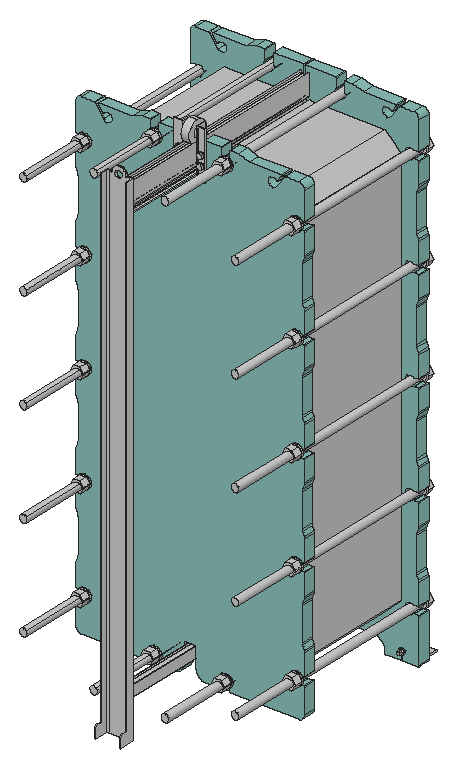
Revit family "MIT 5180 - Heat Exchanger", category Specialty Equipment, Revit 2022 (continued)
Forms (mm)
  Extrusion 17, void
    sketch origin (202.5, -37.5, 7.5) x (0, 1, 0) y (-1, 0, 0)
      loop
        line (88.664, 723.875) -> (122.5, 723.875) -> (122.5, 740.875) -> (88.664, 740.875)
        arc (88.664, 740.875) -> (72, 732.375) -> (88.664, 723.875) r 10.5
    from -7.5 to 77.5
  Extrusion 18, solid, material "Galvanized Steel- S235JR"
    sketch origin (0, 0, 0) x (0, 1, 0) y (0, 0, 1)
      loop
        line (8, 11) -> (8, 85) -> (0, 85) -> (0, 3)
        arc (0, 3) -> (0.879, 0.879) -> (3, 0) r 3
        line (3, 0) -> (85, 0) -> (85, 8) -> (11, 8)
        arc (11, 8) -> (8.879, 8.879) -> (8, 11) r 3
    from -570 to 570
  Extrusion 19, solid, material "Galvanized Steel- S235JR"
    sketch origin (4.063, -804, 754.6) x (1, 0, 0) y (0, 0, 1)
      loop
        line (77.937, 1650.6) -> (77.937, 1900.6) -> (32.937, 1900.6) -> (32.937, 1650.6) -> (77.937, 1650.6)
      loop
        line (-86.063, 1650.6) -> (-41.063, 1650.6) -> (-41.063, 1900.6) -> (-86.063, 1900.6) -> (-86.063, 1650.6)
      loop
        circle (-61.775, 1778.105) r 8
      loop
        circle (-61.775, 1728.105) r 8
      loop
        circle (53.645, 1778.105) r 8
      loop
        circle (53.645, 1728.105) r 8
    from 6 to 2
  Extrusion 20, solid, material "Galvanized Steel- S235JR"
    sketch origin (4.063, -806, 754.6) x (-1, 0, 0) y (0, 0, 1)
      loop
        line (-32.937, 1650.6) -> (-32.937, 1900.6) -> (-36.937, 1900.6) -> (-36.937, 1650.6) -> (-32.937, 1650.6)
      loop
        line (41.063, 1650.6) -> (45.063, 1650.6) -> (45.063, 1900.6) -> (41.063, 1900.6) -> (41.063, 1650.6)
    from 0 to 42
  Extrusion 21, solid, material "Galvanized Steel- S235JR"
    sketch origin (-37, -802.562, 2422.692) x (0, 0, 1) y (0, -1, 0)
      loop
        circle (190, -19) r 55
      loop
        circle (190, -19) r 25
    from 17 to 57
  Extrusion 22, solid, material "Galvanized Steel- S235JR"
    sketch origin (-37, -802.563, 2422.701) x (0, 0, 1) y (0, -1, 0)
      loop
        circle (190, -19) r 24.5
    from 0 to 74
  Extrusion 23, solid, material "Galvanized Steel- S235JR"
    sketch origin (-37, -802.562, 2422.692) x (0, 0, 1) y (0, -1, 0)
      loop
        circle (190, -19) r 8
    from -24.052 to 98.5
  Extrusion 24, solid, material "Galvanized Steel- S235JR", detail levels fine
    sketch origin (-37, -802.562, 2422.692) x (0, 0, 1) y (0, -1, 0)
      loop
        line (202.813, -23.837) -> (199.73, -9.822) -> (186.917, -5.985) -> (177.187, -15.163) -> (180.27, -29.178) -> (193.083, -33.015) -> (202.813, -23.837)
    from -15 to 89
  Extrusion 25, solid, material "Galvanized Steel- S235JR", detail levels fine
    sketch origin (-37, -802.562, 2422.692) x (0, 0, 1) y (0, -1, 0)
      loop
        circle (190, -19) r 15
    from -7 to 81
  Extrusion 26, solid, material "Galvanized Steel- S235JR", detail levels medium+fine
    sketch origin (6.091, -804, 1109.777) x (1, 0, 0) y (0, 0, 1)
      loop
        circle (53.645, 1418.117) r 15
      loop
        circle (53.645, 1368.117) r 15
      loop
        circle (-61.771, 1418.117) r 15
      loop
        circle (-61.771, 1368.117) r 15
    from 7.3 to 6
  Extrusion 27, solid, material "Galvanized Steel- S235JR", detail levels medium+fine
    sketch origin (6.091, -804, 1109.777) x (1, 0, 0) y (0, 0, 1)
      loop
        line (66.637, 1424.403) -> (54.697, 1432.512) -> (41.704, 1426.226) -> (40.652, 1411.83) -> (52.592, 1403.721) -> (65.585, 1410.007) -> (66.637, 1424.403)
      loop
        line (54.697, 1382.512) -> (41.704, 1376.226) -> (40.652, 1361.83) -> (52.592, 1353.721) -> (65.585, 1360.007) -> (66.637, 1374.403) -> (54.697, 1382.512)
      loop
        line (-74.764, 1424.403) -> (-73.711, 1410.007) -> (-60.718, 1403.721) -> (-48.778, 1411.83) -> (-49.83, 1426.226) -> (-62.823, 1432.512) -> (-74.764, 1424.403)
      loop
        line (-62.823, 1382.512) -> (-74.764, 1374.403) -> (-73.711, 1360.007) -> (-60.718, 1353.721) -> (-48.778, 1361.83) -> (-49.83, 1376.226) -> (-62.823, 1382.512)
    from 17.3 to 7.3
  Extrusion 28, solid, material "AISI 316L/Titanium/Hastelloy", detail levels fine
    sketch origin (6.091, -744, 768.238) x (-1, 0, 0) y (0, 0, 1)
      loop
        circle (61.775, 1759.61) r 15
      loop
        circle (61.775, 1709.61) r 15
      loop
        circle (-53.645, 1759.61) r 15
      loop
        circle (-53.645, 1709.61) r 15
    from 0 to 2.7
  Extrusion 29, solid, material "AISI 316L/Titanium/Hastelloy", detail levels fine
    sketch origin (6.091, -744, 1109.777) x (-1, 0, 0) y (0, 0, 1)
      loop
        line (73.378, 1424.725) -> (61.815, 1431.447) -> (50.212, 1424.794) -> (50.173, 1411.419) -> (61.736, 1404.697) -> (73.339, 1411.35) -> (73.378, 1424.725)
      loop
        line (61.815, 1381.447) -> (50.212, 1374.794) -> (50.173, 1361.419) -> (61.736, 1354.697) -> (73.339, 1361.35) -> (73.378, 1374.725) -> (61.815, 1381.447)
      loop
        line (-65.252, 1424.725) -> (-65.213, 1411.35) -> (-53.61, 1404.697) -> (-42.047, 1411.419) -> (-42.086, 1424.794) -> (-53.689, 1431.447) -> (-65.252, 1424.725)
      loop
        line (-53.689, 1381.447) -> (-65.252, 1374.725) -> (-65.213, 1361.35) -> (-53.61, 1354.697) -> (-42.047, 1361.419) -> (-42.086, 1374.794) -> (-53.689, 1381.447)
    from 3 to 10.7
  Extrusion 30, solid, material "AISI 316L/Titanium/Hastelloy"
    sketch origin (6.091, -744, 1109.777) x (-1, 0, 0) y (0, 0, 1)
      loop
        circle (61.775, 1418.072) r 8
      loop
        circle (61.775, 1368.072) r 8
      loop
        circle (-53.645, 1418.072) r 8
      loop
        circle (-53.645, 1368.072) r 8
    from -66 to 24.122
  Extrusion 31, solid, material "AISI 316L/Titanium/Hastelloy", detail levels fine
    sketch origin (0, -60, 0) x (-1, 0, 0) y (0, 0, 1)
      loop
        line (-497.5, 2364.5) -> (-497.5, 277.5) -> (-417.5, 197.5) -> (-27.5, 197.5) -> (-20.25, 202.5) -> (-20.25, 210.5) -> (-31.702, 221.264)
        arc (-31.702, 221.264) -> (-32.557, 229.753) -> (-24.268, 231.775) r 6.5
        line (-24.268, 231.775) -> (-6.424, 222.561)
        arc (-6.424, 222.561) -> (0, 221) -> (6.424, 222.561) r 14
        line (6.424, 222.561) -> (24.268, 231.775)
        arc (24.268, 231.775) -> (32.557, 229.753) -> (31.702, 221.264) r 6.5
        line (31.702, 221.264) -> (20.25, 210.5) -> (20.25, 202.5) -> (27.5, 197.5) -> (417.5, 197.5) -> (497.5, 277.5) -> (497.5, 2364.5) -> (417.5, 2444.5) -> (27.5, 2444.5) -> (20.25, 2439.5) -> (20.25, 2431.5) -> (31.702, 2420.736)
        arc (31.702, 2420.736) -> (32.557, 2412.247) -> (24.268, 2410.225) r 6.5
        line (24.268, 2410.225) -> (6.424, 2419.439)
        arc (6.424, 2419.439) -> (0, 2421) -> (-6.424, 2419.439) r 14
        line (-6.424, 2419.439) -> (-24.268, 2410.225)
        arc (-24.268, 2410.225) -> (-32.557, 2412.247) -> (-31.702, 2420.736) r 6.5
        line (-31.702, 2420.736) -> (-20.25, 2431.5) -> (-20.25, 2439.5) -> (-27.5, 2444.5) -> (-417.5, 2444.5) -> (-497.5, 2364.5)
      loop
        circle (298, 2242) r 165
      loop
        circle (-298, 2242) r 165
      loop
        circle (-298, 400) r 165
      loop
        circle (298, 400) r 165
    from 0 to -684
  Extrusion 32, void
    sketch origin (-52.5, -1268, 0) x (1, 0, 0) y (0, 0, 1)
      loop
        arc (17, 2620) -> (52.5, 2655.5) -> (88, 2620) r 35.5
        line (88, 2620) -> (120, 2620) -> (120, 2685) -> (-15, 2685) -> (-15, 2620) -> (17, 2620)
      loop
        circle (52.5, 2618.5) r 20
    from -8 to 72
  Extrusion 33, void
    sketch origin (-67.5, -1340, 0) x (0, 1, 0) y (0, 0, -1)
      loop
        arc (15, -60) -> (4.393, -55.607) -> (0, -45) r 15
        line (0, -45) -> (0, -2655.2) -> (35, -2655.2) -> (35, -60) -> (15, -60)
    from -143.878 to 16.14
  Extrusion 34, solid, material "Galvanized Steel- S235JR", detail levels fine
    sketch origin (0, 0, 0) x (1, 0, 0) y (0, 0, 1)
      loop
        circle (505, 45) r 15
      loop
        circle (-505, 45) r 15
    from -11 to -8
  Extrusion 35, solid, material "Galvanized Steel- S235JR", detail levels coarse
    sketch origin (0, 0, 0) x (0, 1, 0) y (1, 0, 0)
      loop
        line (-1340, -67.5) -> (-1260, -67.5) -> (-1260, 67.5) -> (-1340, 67.5) -> (-1340, -67.5)
    from 0 to -2655.2
  Extrusion 36, solid, material "Galvanized Steel", detail levels medium
    sketch origin (4.063, 0, 0) x (1, 0, 0) y (0, 0, 1)
      loop
        line (560.937, 2580) -> (300.887, 2580) -> (245.937, 2600) -> (-254.063, 2600) -> (-309.013, 2580) -> (-569.063, 2580)
        arc (-569.063, 2580) -> (-590.276, 2571.213) -> (-599.063, 2550) r 30
        line (-599.063, 2550) -> (-599.063, 0) -> (-419.063, 0) -> (-419.063, 37.5) -> (-381.563, 75) -> (373.437, 75) -> (410.937, 37.5) -> (410.937, 0) -> (590.937, 0) -> (590.937, 2550)
        arc (590.937, 2550) -> (582.15, 2571.213) -> (560.937, 2580) r 30
      loop
        circle (293.937, 2242) r 159
      loop
        circle (293.937, 400) r 159
      loop
        circle (-4.063, 199) r 10.5
      loop
        circle (-4.063, 139) r 10.5
      loop
        circle (180.937, 120) r 27.5
      loop
        circle (-4.063, 2478) r 10.5
      loop
        circle (-4.063, 2538) r 10.5
      loop
        circle (500.937, 45) r 10.5
      loop
        circle (546.937, 2381) r 27.5
      loop
        circle (546.937, 1851) r 27.5
      loop
        circle (546.937, 1321) r 27.5
      loop
        circle (546.937, 791) r 27.5
      loop
        circle (546.937, 261) r 27.5
      loop
        circle (180.937, 2530) r 27.5
      loop
        circle (425.937, 2530) r 25
      loop
        circle (-302.063, 2242) r 159
      loop
        circle (-302.063, 400) r 159
      loop
        circle (-189.063, 120) r 27.5
      loop
        circle (-509.063, 45) r 10.5
      loop
        circle (-555.063, 2381) r 27.5
      loop
        circle (-555.063, 1851) r 27.5
      loop
        circle (-555.063, 1321) r 27.5
      loop
        circle (-555.063, 791) r 27.5
      loop
        circle (-555.063, 261) r 27.5
      loop
        circle (-189.063, 2530) r 27.5
      loop
        circle (-434.063, 2530) r 25
    from 0 to 60
  Extrusion 37, solid, material "Galvanized Steel", detail levels medium
    sketch origin (4.063, -744, 0) x (-1, 0, 0) y (0, 0, 1)
      loop
        arc (-560.937, 2580) -> (-582.15, 2571.213) -> (-590.937, 2550) r 30
        line (-590.937, 2550) -> (-590.937, 105)
        arc (-590.937, 105) -> (-582.15, 83.787) -> (-560.937, 75) r 30
        line (-560.937, 75) -> (-25.937, 75) -> (-25.937, 230) -> (34.063, 230) -> (34.063, 75) -> (569.063, 75)
        arc (569.063, 75) -> (590.276, 83.787) -> (599.063, 105) r 30
        line (599.063, 105) -> (599.063, 2550)
        arc (599.063, 2550) -> (590.276, 2571.213) -> (569.063, 2580) r 30
        line (569.063, 2580) -> (309.013, 2580) -> (254.063, 2600) -> (79.063, 2600) -> (79.063, 2545) -> (45.063, 2545) -> (45.063, 2400) -> (-36.937, 2400) -> (-36.937, 2545) -> (-70.937, 2545) -> (-70.937, 2600) -> (-245.937, 2600) -> (-300.887, 2580) -> (-560.937, 2580)
      loop
        circle (-425.937, 2530) r 25
      loop
        circle (-180.937, 2530) r 27.5
      loop
        circle (-180.937, 120) r 27.5
      loop
        circle (-546.937, 261) r 27.5
      loop
        circle (-546.937, 791) r 27.5
      loop
        circle (-546.937, 1321) r 27.5
      loop
        circle (-546.937, 1851) r 27.5
      loop
        circle (-546.937, 2381) r 27.5
      loop
        circle (-53.687, 2527.2) r 10.5
      loop
        circle (-53.687, 2477.2) r 10.5
      loop
        circle (434.063, 2530) r 25
      loop
        circle (189.063, 2530) r 27.5
      loop
        circle (189.063, 120) r 27.5
      loop
        circle (555.063, 261) r 27.5
      loop
        circle (555.063, 791) r 27.5
      loop
        circle (555.063, 1321) r 27.5
      loop
        circle (555.063, 1851) r 27.5
      loop
        circle (555.063, 2381) r 27.5
      loop
        circle (61.813, 2527.2) r 10.5
      loop
        circle (61.813, 2477.2) r 10.5
    from 0 to -60 <- "Follower Plate"
  Extrusion 38, solid, material "AISI 316L/Titanium/Hastelloy", detail levels medium
    sketch origin (0, -60, 0) x (-1, 0, 0) y (0, 0, 1)
      loop
        line (-497.5, 2364.5) -> (-497.5, 277.5) -> (-417.5, 197.5) -> (-27.5, 197.5) -> (-20.25, 202.5) -> (-20.25, 210.5) -> (-36.519, 225.791) -> (-28.4, 233.91) -> (-3.401, 221) -> (3.401, 221) -> (29.352, 234.401) -> (35.773, 225.09) -> (20.25, 210.5) -> (20.25, 202.5) -> (27.5, 197.5) -> (417.5, 197.5) -> (497.5, 277.5) -> (497.5, 2364.5) -> (417.5, 2444.5) -> (27.5, 2444.5) -> (20.25, 2439.5) -> (20.25, 2431.5) -> (35.773, 2416.91) -> (29.352, 2407.599) -> (3.401, 2421) -> (-3.401, 2421) -> (-28.4, 2408.09) -> (-36.519, 2416.209) -> (-20.25, 2431.5) -> (-20.25, 2439.5) -> (-27.5, 2444.5) -> (-417.5, 2444.5) -> (-497.5, 2364.5)
      loop
        circle (298, 2242) r 165
      loop
        circle (-298, 2242) r 165
      loop
        circle (-298, 400) r 165
      loop
        circle (298, 400) r 165
    from 0 to -684
  Extrusion 39, solid, material "Galvanized Steel", detail levels coarse
    sketch origin (4.063, 0, 0) x (1, 0, 0) y (0, 0, 1)
      loop
        line (590.937, 2600) -> (-599.063, 2600) -> (-599.063, 0) -> (590.937, 0) -> (590.937, 2600)
      loop
        circle (-4.063, 199) r 10.5
      loop
        circle (-4.063, 139) r 10.5
      loop
        circle (180.937, 120) r 27.5
      loop
        circle (-4.063, 2478) r 10.5
      loop
        circle (-4.063, 2538) r 10.5
      loop
        circle (500.937, 45) r 10.5
      loop
        circle (546.937, 2381) r 27.5
      loop
        circle (546.937, 1851) r 27.5
      loop
        circle (546.937, 1321) r 27.5
      loop
        circle (546.937, 791) r 27.5
      loop
        circle (546.937, 261) r 27.5
      loop
        circle (180.937, 2530) r 27.5
      loop
        circle (425.937, 2530) r 25
      loop
        circle (-189.063, 120) r 27.5
      loop
        circle (-509.063, 45) r 10.5
      loop
        circle (-555.063, 2381) r 27.5
      loop
        circle (-555.063, 1851) r 27.5
      loop
        circle (-555.063, 1321) r 27.5
      loop
        circle (-555.063, 791) r 27.5
      loop
        circle (-555.063, 261) r 27.5
      loop
        circle (-189.063, 2530) r 27.5
      loop
        circle (-434.063, 2530) r 25
    from 0 to 60
  Extrusion 40, solid, material "Galvanized Steel", detail levels coarse
    sketch origin (4.063, -744, 0) x (-1, 0, 0) y (0, 0, 1)
      loop
        line (-590.937, 2600) -> (-590.937, 75) -> (-25.937, 75) -> (-25.937, 230) -> (34.063, 230) -> (34.063, 75) -> (599.063, 75) -> (599.063, 2600) -> (45.063, 2600) -> (45.063, 2400) -> (-36.937, 2400) -> (-36.937, 2600) -> (-590.937, 2600)
      loop
        circle (-425.937, 2530) r 25
      loop
        circle (-180.937, 2530) r 27.5
      loop
        circle (-180.937, 120) r 27.5
      loop
        circle (-546.937, 261) r 27.5
      loop
        circle (-546.937, 791) r 27.5
      loop
        circle (-546.937, 1321) r 27.5
      loop
        circle (-546.937, 1851) r 27.5
      loop
        circle (-546.937, 2381) r 27.5
      loop
        circle (-53.687, 2527.2) r 10.5
      loop
        circle (-53.687, 2477.2) r 10.5
      loop
        circle (434.063, 2530) r 25
      loop
        circle (189.063, 2530) r 27.5
      loop
        circle (189.063, 120) r 27.5
      loop
        circle (555.063, 261) r 27.5
      loop
        circle (555.063, 791) r 27.5
      loop
        circle (555.063, 1321) r 27.5
      loop
        circle (555.063, 1851) r 27.5
      loop
        circle (555.063, 2381) r 27.5
      loop
        circle (61.813, 2527.2) r 10.5
      loop
        circle (61.813, 2477.2) r 10.5
    from 0 to -60 <- "Follower Plate"
  Extrusion 41, solid, material "AISI 316L/Titanium/Hastelloy", detail levels coarse
    sketch origin (0, -60, 0) x (-1, 0, 0) y (0, 0, 1)
      loop
        line (-497.5, 2444.5) -> (-497.5, 197.5) -> (-36.519, 197.5) -> (-36.519, 234.401) -> (35.773, 234.401) -> (35.773, 197.5) -> (497.5, 197.5) -> (497.5, 2444.5) -> (35.773, 2444.5) -> (35.773, 2408.09) -> (-36.519, 2408.09) -> (-36.519, 2444.5) -> (-497.5, 2444.5)
    from 0 to -684
  Extrusion 42, solid, material "Galvanized Steel- S235JR", detail levels coarse
    sketch origin (0, 0, 0) x (1, 0, 0) y (0, 0, 1)
      loop
        circle (298, 2242) r 230
      loop
        circle (-298, 2242) r 230
      loop
        circle (298, 400) r 230
      loop
        circle (-298, 400) r 230
    from -37 to 0
  Extrusion 43, solid, material "Galvanized Steel- S235JR", visible <- "M30"
    sketch origin (0, 0, 0) x (1, 0, 0) y (0, 0, 1)
      loop
        circle (430, 2530) r 19.5
      loop
        circle (-430, 2530) r 19.5
    from 0 to 1200
  Extrusion 44, solid, material "Galvanized Steel- S235JR", visible <- "M30", detail levels medium+fine
    sketch origin (0, 0, 0) x (1, 0, 0) y (0, 0, 1)
      loop
        line (412.446, 2559.192) -> (395.942, 2529.394) -> (413.496, 2500.202) -> (447.554, 2500.808) -> (464.058, 2530.606) -> (446.504, 2559.798) -> (412.446, 2559.192)
      loop
        line (-412.446, 2559.192) -> (-446.504, 2559.798) -> (-464.058, 2530.606) -> (-447.554, 2500.808) -> (-413.496, 2500.202) -> (-395.942, 2529.394) -> (-412.446, 2559.192)
    from -8 to -45
  Extrusion 45, solid, material "Galvanized Steel- S235JR", visible <- "M30", detail levels medium+fine
    sketch origin (0, 0, 0) x (1, 0, 0) y (0, 0, 1)
      loop
        circle (430, 2530) r 35
      loop
        circle (-430, 2530) r 35
    from 0 to -8
  Extrusion 46, solid, material "Galvanized Steel- S235JR", visible <- "M30", detail levels fine
    sketch origin (4.063, -804, 0) x (1, 0, 0) y (0, 0, 1)
      loop
        line (408.383, 2559.192) -> (391.879, 2529.394) -> (409.433, 2500.202) -> (443.491, 2500.808) -> (459.995, 2530.606) -> (442.441, 2559.798) -> (408.383, 2559.192)
      loop
        line (-416.509, 2559.192) -> (-450.567, 2559.798) -> (-468.121, 2530.606) -> (-451.617, 2500.808) -> (-417.559, 2500.202) -> (-400.005, 2529.394) -> (-416.509, 2559.192)
    from 8 to 48.4
  Extrusion 47, solid, material "Galvanized Steel- S235JR", visible <- "M30", detail levels fine
    sketch origin (4.063, -804, 0) x (1, 0, 0) y (0, 0, 1)
      loop
        circle (180.937, 2530) r 35
      loop
        circle (-189.063, 2530) r 35
    from 8 to 0
  Revolve 48, solid, material "EPDM", detail levels fine
    sketch origin (0, 0, 2242) x (1, 0, 0) y (0, 1, 0)
      loop
        line (457, -60) -> (457, 0) -> (461.75, 0) -> (461.75, 3) -> (454, 3) -> (454, -63) -> (461.75, -63) -> (461.75, -60) -> (457, -60)
      axis (298, -63) -> (298, 3)
    angle from 0 to 360
  Revolve 49, solid, material "EPDM", detail levels fine
    sketch origin (0, 0, 400) x (1, 0, 0) y (0, 1, 0)
      loop
        line (457, -60) -> (457, 0) -> (461.75, 0) -> (461.75, 3) -> (454, 3) -> (454, -63) -> (461.75, -63) -> (461.75, -60) -> (457, -60)
      axis (298, -63) -> (298, 3)
    angle from 0 to 360
  Revolve 50, solid, material "EPDM", detail levels fine
    sketch origin (-596, 0, 400) x (1, 0, 0) y (0, 1, 0)
      loop
        line (457, -60) -> (457, 0) -> (461.75, 0) -> (461.75, 3) -> (454, 3) -> (454, -63) -> (461.75, -63) -> (461.75, -60) -> (457, -60)
      axis (298, -63) -> (298, 3)
    angle from 0 to 360
  Revolve 51, solid, material "EPDM", detail levels fine
    sketch origin (-596, 0, 2242) x (1, 0, 0) y (0, 1, 0)
      loop
        line (457, -60) -> (457, 0) -> (461.75, 0) -> (461.75, 3) -> (454, 3) -> (454, -63) -> (461.75, -63) -> (461.75, -60) -> (457, -60)
      axis (298, -63) -> (298, 3)
    angle from 0 to 360
Cuts and joins
  Extrusion 17 cuts Extrusion 18
  joined: Extrusion 19, Extrusion 20
  joined: Extrusion 21, Extrusion 22
  Extrusion 32, Extrusion 33 cuts Extrusion 11
Dimensions and locks
  "Lk": plane 7 "1" to plane 6 "2"
  "Head & Follower Plate": plane 1 "Center (Front/Back)" to plane 7 "1"
  "Lc": plane 7 "1" to plane 8 "3"
  "Lc": plane 10 to plane 1 "Center (Front/Back)"
  locked: Extrusion 11 sketch curve to Extrusion 11 sketch curve at 80
  locked: Extrusion 30 to plane 6 "2" at 24.122
  locked: Revolve 48 sketch curve to Revolve 48 sketch curve at 3
  locked: Revolve 48 sketch curve to Extrusion 39 at 3
  locked: Revolve 48 sketch curve to plane 7 "1" at 3
  locked: Revolve 49 sketch curve to Revolve 49 sketch curve at 3
  locked: Revolve 50 sketch curve to Revolve 50 sketch curve at 3
  locked: Revolve 51 sketch curve to Revolve 51 sketch curve at 3
  aligned and locked: level to plane 2
  aligned and locked: Extrusion 1 to plane 7 "1"
  aligned and locked: Extrusion 1 to plane 1 "Center (Front/Back)"
  aligned and locked: Extrusion 4 to plane 10
  aligned and locked: Extrusion 4 to plane 1 "Center (Front/Back)"
  aligned and locked: Extrusion 3 to plane 8 "3"
  aligned and locked: Extrusion 3 to Extrusion 1
  aligned and locked: Extrusion 11 sketch curve to Extrusion 11 sketch curve
  aligned and locked: Extrusion 30 to Extrusion 26
  aligned and locked: Extrusion 31 to Extrusion 2
  aligned and locked: Extrusion 35 sketch curve to cut or joined group of Extrusion 11, Extrusion 32, Extrusion 33  (x4)
  aligned and locked: Extrusion 38 to Extrusion 37
  aligned and locked: Extrusion 38 to Extrusion 2
  aligned and locked: Extrusion 41 to Extrusion 40
  aligned and locked: Extrusion 43 to Extrusion 4
  aligned and locked: Extrusion 39 to Revolve 48 sketch curve  (x2)
Automatic sketch dimensions
  Extrusion 1 sketch curve to Extrusion 1 sketch curve = 0.00 mm  (x56)
  Extrusion 1 sketch curve to level = 0.00 mm  (x4)
  Extrusion 1 sketch curve to plane 11 "12" = 0.00 mm  (x2)
  Extrusion 1 sketch curve to plane 3 "Center (Left/Right)" = 0.00 mm  (x4)
  Extrusion 1 sketch curve to plane 3 "Center (Left/Right)" = 3.00 mm  (x4)
  Extrusion 1 sketch curve to Extrusion 1 sketch curve = 3.00 mm  (x61)
  Extrusion 1 sketch curve to Extrusion 1 sketch curve = 155.00 mm  (x4)
  level to Extrusion 1 sketch curve = 75.00 mm  (x2)
  Extrusion 1 sketch curve to Extrusion 1 sketch curve = 21.00 mm  (x21)
  Extrusion 1 sketch curve to Extrusion 1 sketch curve = 42.00 mm  (x7)
  Extrusion 1 sketch curve to Extrusion 1 sketch curve = 41.00 mm  (x2)
  Extrusion 1 sketch curve to plane 3 "Center (Left/Right)" = 298.00 mm  (x2)
  Extrusion 1 sketch curve to Extrusion 1 sketch curve = 54.95 mm  (x2)
  Extrusion 1 sketch curve to Extrusion 1 sketch curve = 160.216 mm  (x2)
  level to Extrusion 1 sketch curve = 69.142 mm  (x2)
  Extrusion 1 sketch curve to Extrusion 1 sketch curve = 14.142 mm  (x4)
  Extrusion 1 sketch curve to Extrusion 1 sketch curve = 25.784 mm  (x2)
  level to Extrusion 1 sketch curve = 43.358 mm  (x2)
  level to Extrusion 1 sketch curve = 10.00 mm  (x4)
  Extrusion 1 sketch curve to Extrusion 1 sketch curve = 20.00 mm
  Extrusion 1 sketch curve to Extrusion 1 sketch curve = 125.05 mm  (x2)
  Extrusion 1 sketch curve to Extrusion 1 sketch curve = 20.479 mm  (x2)
  Extrusion 1 sketch curve to Extrusion 1 sketch curve = 23.192 mm  (x2)
  plane 11 "12" to Extrusion 1 sketch curve = 301.967 mm  (x2)
  Extrusion 1 sketch curve to Extrusion 1 sketch curve = 2.457 mm  (x6)
  Extrusion 1 sketch curve to Extrusion 1 sketch curve = 21.925 mm  (x2)
  Extrusion 1 sketch curve to Extrusion 1 sketch curve = 17.059 mm  (x2)
  level to Extrusion 1 sketch curve = 32.907 mm
  Extrusion 1 sketch curve to Extrusion 1 sketch curve = 74.00 mm  (x4)
  level to Extrusion 1 sketch curve = 3.00 mm  (x4)
  Extrusion 1 sketch curve to Extrusion 1 sketch curve = 6.00 mm  (x2)
  plane 5 to Extrusion 1 sketch curve = 449.00 mm  (x3)
  Extrusion 1 sketch curve to Extrusion 1 sketch curve = 46.00 mm  (x2)
  Extrusion 1 sketch curve to Extrusion 1 sketch curve = 100.521 mm  (x2)
  Extrusion 1 sketch curve to Extrusion 1 sketch curve = 14.00 mm  (x16)
  Extrusion 1 sketch curve to Extrusion 1 sketch curve = 67.909 mm  (x2)
  plane 11 "12" to Extrusion 1 sketch curve = 4.76 mm  (x2)
  Extrusion 1 sketch curve to Extrusion 1 sketch curve = 18.822 mm  (x26)
  Extrusion 1 sketch curve to Extrusion 1 sketch curve = 18.00 mm  (x8)
  Extrusion 1 sketch curve to Extrusion 1 sketch curve = 1.809 mm  (x22)
  Extrusion 1 sketch curve to plane 11 "12" = 28.529 mm  (x2)
  Extrusion 1 sketch curve to plane 11 "12" = 223.471 mm  (x2)
  Extrusion 1 sketch curve to Extrusion 1 sketch curve = 22.178 mm  (x18)
  Extrusion 1 sketch curve to Extrusion 1 sketch curve = 8.382 mm  (x16)
  Extrusion 1 sketch curve to plane 11 "12" = 5.501 mm  (x2)
  Extrusion 1 sketch curve to Extrusion 1 sketch curve = 28.191 mm  (x11)
  Extrusion 1 sketch curve to Extrusion 1 sketch curve = 30.00 mm  (x6)
  plane 3 "Center (Left/Right)" to Extrusion 1 sketch curve = 3.00 mm  (x4)
  plane 3 "Center (Left/Right)" to Extrusion 1 sketch curve = 298.00 mm  (x2)
  level to Extrusion 1 sketch curve = 55.00 mm
  Extrusion 1 sketch curve to Extrusion 1 sketch curve = 5.858 mm
  Extrusion 1 sketch curve to Extrusion 1 sketch curve = 253.00 mm  (x2)
  level to Extrusion 1 sketch curve = 428.529 mm
  Extrusion 1 sketch curve to plane 11 "12" = 246.499 mm
  Extrusion 1 sketch curve to Extrusion 1 sketch curve = 29.907 mm
  Extrusion 1 sketch curve to Extrusion 1 sketch curve = 12.093 mm  (x8)
  Extrusion 1 sketch curve to Extrusion 1 sketch curve = 23.178 mm  (x4)
  Extrusion 1 sketch curve to Extrusion 1 sketch curve = 48.907 mm
  Extrusion 1 sketch curve to Extrusion 1 sketch curve = 35.813 mm  (x2)
  Extrusion 1 sketch curve to Extrusion 1 sketch curve = 192.00 mm
  Extrusion 1 sketch curve to Extrusion 1 sketch curve = 191.529 mm
  Extrusion 1 sketch curve to Extrusion 1 sketch curve = 110.24 mm  (x13)
  Extrusion 1 sketch curve to Extrusion 1 sketch curve = 33.289 mm  (x2)
  Extrusion 1 sketch curve to Extrusion 1 sketch curve = 4.76 mm  (x2)
  Extrusion 1 sketch curve to Extrusion 1 sketch curve = 23.028 mm  (x11)
  Extrusion 1 sketch curve to Extrusion 1 sketch curve = 174.42 mm  (x6)
  plane 11 "12" to Extrusion 1 sketch curve = 236.00 mm
  Extrusion 1 sketch curve to Extrusion 1 sketch curve = 28.307 mm  (x2)
  Extrusion 1 sketch curve to Extrusion 1 sketch curve = 14.339 mm  (x2)
  Extrusion 1 sketch curve to Extrusion 1 sketch curve = 4.093 mm  (x2)
  Extrusion 1 sketch curve to Extrusion 1 sketch curve = 1.721 mm  (x4)
  Extrusion 1 sketch curve to Extrusion 1 sketch curve = 6.033 mm  (x2)
  Extrusion 1 sketch curve to Extrusion 1 sketch curve = 4.721 mm  (x2)
  Extrusion 1 sketch curve to Extrusion 1 sketch curve = 46.907 mm
  Extrusion 1 sketch curve to Extrusion 1 sketch curve = 48.178 mm
  plane 11 "12" to Extrusion 1 sketch curve = 75.921 mm  (x2)
  Extrusion 1 sketch curve to plane 3 "Center (Left/Right)" = 158.297 mm  (x2)
  Extrusion 1 sketch curve to Extrusion 1 sketch curve = 113.297 mm  (x2)
  Extrusion 1 sketch curve to plane 11 "12" = 75.921 mm  (x2)
  plane 3 "Center (Left/Right)" to Extrusion 1 sketch curve = 158.297 mm  (x2)
  Extrusion 1 sketch curve to Extrusion 1 sketch curve = 63.079 mm  (x2)
  Extrusion 2 sketch curve to plane 4 = 547.00 mm  (x2)
  Extrusion 2 sketch curve to Extrusion 2 sketch curve = 0.00 mm  (x43)
  Extrusion 2 sketch curve to plane 11 "12" = 38.79 mm
  Extrusion 2 sketch curve to Extrusion 2 sketch curve = 18.00 mm  (x9)
  level to Extrusion 2 sketch curve = 105.00 mm
  Extrusion 2 sketch curve to Extrusion 2 sketch curve = 1.809 mm  (x22)
  Extrusion 2 sketch curve to plane 11 "12" = 246.499 mm
  level to Extrusion 2 sketch curve = 405.501 mm
  Extrusion 2 sketch curve to plane 11 "12" = 5.501 mm  (x2)
  Extrusion 2 sketch curve to plane 11 "12" = 535.501 mm
  Extrusion 2 sketch curve to Extrusion 2 sketch curve = 3.00 mm  (x48)
  Extrusion 2 sketch curve to plane 11 "12" = 223.471 mm  (x2)
  Extrusion 2 sketch curve to Extrusion 2 sketch curve = 8.382 mm  (x16)
  Extrusion 2 sketch curve to plane 11 "12" = 28.529 mm  (x2)
  Extrusion 2 sketch curve to Extrusion 2 sketch curve = 22.178 mm  (x20)
  plane 11 "12" to Extrusion 2 sketch curve = 4.76 mm  (x2)
  Extrusion 2 sketch curve to Extrusion 2 sketch curve = 28.191 mm  (x9)
  Extrusion 2 sketch curve to Extrusion 2 sketch curve = 30.00 mm  (x9)
  Extrusion 2 sketch curve to Extrusion 2 sketch curve = 18.822 mm  (x21)
  Extrusion 2 sketch curve to Extrusion 2 sketch curve = 67.909 mm  (x2)
  plane 11 "12" to Extrusion 2 sketch curve = 336.721 mm
  Extrusion 2 sketch curve to Extrusion 2 sketch curve = 2.457 mm  (x6)
  Extrusion 2 sketch curve to Extrusion 2 sketch curve = 17.059 mm  (x2)
  Extrusion 2 sketch curve to Extrusion 2 sketch curve = 21.925 mm  (x2)
  Extrusion 2 sketch curve to Extrusion 2 sketch curve = 5.171 mm
  Extrusion 2 sketch curve to Extrusion 2 sketch curve = 20.479 mm  (x2)
  Extrusion 2 sketch curve to Extrusion 2 sketch curve = 125.05 mm  (x2)
  Extrusion 2 sketch curve to Extrusion 2 sketch curve = 54.95 mm  (x2)
  Extrusion 2 sketch curve to Extrusion 2 sketch curve = 41.00 mm  (x2)
  plane 3 "Center (Left/Right)" to Extrusion 2 sketch curve = 209.00 mm
  Extrusion 2 sketch curve to Extrusion 2 sketch curve = 21.00 mm  (x20)
  Extrusion 2 sketch curve to Extrusion 2 sketch curve = 42.00 mm  (x8)
  plane 3 "Center (Left/Right)" to Extrusion 2 sketch curve = 80.00 mm
  plane 3 "Center (Left/Right)" to Extrusion 2 sketch curve = 75.00 mm
  Extrusion 2 sketch curve to Extrusion 2 sketch curve = 17.25 mm
  Extrusion 2 sketch curve to Extrusion 2 sketch curve = 10.062 mm  (x4)
  plane 3 "Center (Left/Right)" to Extrusion 2 sketch curve = 41.00 mm
  Extrusion 2 sketch curve to Extrusion 2 sketch curve = 6.688 mm  (x3)
  plane 3 "Center (Left/Right)" to Extrusion 2 sketch curve = 30.00 mm
  Extrusion 2 sketch curve to plane 3 "Center (Left/Right)" = 30.00 mm
  Extrusion 2 sketch curve to plane 3 "Center (Left/Right)" = 41.00 mm  (x2)
  Extrusion 2 sketch curve to Extrusion 2 sketch curve = 34.00 mm
  Extrusion 2 sketch curve to Extrusion 2 sketch curve = 50.00 mm
  Extrusion 2 sketch curve to Extrusion 2 sketch curve = 81.00 mm
  Extrusion 2 sketch curve to Extrusion 2 sketch curve = 86.00 mm
  Extrusion 2 sketch curve to Extrusion 2 sketch curve = 23.192 mm
  plane 11 "12" to Extrusion 2 sketch curve = 301.967 mm
  Extrusion 2 sketch curve to Extrusion 2 sketch curve = 342.00 mm
  plane 5 to Extrusion 2 sketch curve = 449.00 mm  (x3)
  Extrusion 2 sketch curve to Extrusion 2 sketch curve = 100.521 mm
  Extrusion 2 sketch curve to Extrusion 2 sketch curve = 14.00 mm  (x9)
  level to Extrusion 2 sketch curve = 75.00 mm  (x2)
  Extrusion 2 sketch curve to Extrusion 2 sketch curve = 23.178 mm  (x4)
  Extrusion 2 sketch curve to Extrusion 2 sketch curve = 105.00 mm
  Extrusion 2 sketch curve to Extrusion 2 sketch curve = 132.00 mm  (x2)
  Extrusion 2 sketch curve to Extrusion 2 sketch curve = 110.24 mm  (x13)
  Extrusion 2 sketch curve to Extrusion 2 sketch curve = 23.028 mm  (x11)
  Extrusion 2 sketch curve to Extrusion 2 sketch curve = 174.42 mm  (x5)
  Extrusion 2 sketch curve to Extrusion 2 sketch curve = 33.289 mm  (x2)
  plane 11 "12" to Extrusion 2 sketch curve = 158.00 mm
  Extrusion 2 sketch curve to Extrusion 2 sketch curve = 74.20 mm  (x2)
  Extrusion 2 sketch curve to Extrusion 2 sketch curve = 28.307 mm  (x2)
  Extrusion 2 sketch curve to Extrusion 2 sketch curve = 63.06 mm
  Extrusion 2 sketch curve to Extrusion 2 sketch curve = 44.00 mm  (x2)
  Extrusion 2 sketch curve to Extrusion 2 sketch curve = 14.339 mm  (x2)
  Extrusion 2 sketch curve to Extrusion 2 sketch curve = 2.80 mm  (x2)
  Extrusion 2 sketch curve to Extrusion 2 sketch curve = 14.80 mm  (x2)
  Extrusion 2 sketch curve to Extrusion 2 sketch curve = 1.721 mm  (x4)
  Extrusion 2 sketch curve to Extrusion 2 sketch curve = 6.033 mm
  Extrusion 2 sketch curve to Extrusion 2 sketch curve = 28.721 mm
  Extrusion 2 sketch curve to Extrusion 2 sketch curve = 4.721 mm
  Extrusion 2 sketch curve to Extrusion 2 sketch curve = 3.441 mm
  Extrusion 2 sketch curve to Extrusion 2 sketch curve = 48.178 mm  (x2)
  Extrusion 3 sketch curve to plane 3 "Center (Left/Right)" = 26.125 mm
  Extrusion 3 sketch curve to plane 3 "Center (Left/Right)" = 23.125 mm
  Extrusion 3 sketch curve to Extrusion 3 sketch curve = 2.00 mm  (x11)
  Extrusion 3 sketch curve to Extrusion 3 sketch curve = 3.00 mm  (x9)
  Extrusion 3 sketch curve to plane 3 "Center (Left/Right)" = 20.00 mm
  Extrusion 3 sketch curve to Extrusion 3 sketch curve = 6.00 mm  (x2)
  Extrusion 3 sketch curve to plane 3 "Center (Left/Right)" = 6.125 mm  (x2)
  Extrusion 3 sketch curve to plane 3 "Center (Left/Right)" = 3.125 mm
  plane 3 "Center (Left/Right)" to Extrusion 3 sketch curve = 2.875 mm  (x2)
  plane 3 "Center (Left/Right)" to Extrusion 3 sketch curve = 12.875 mm
  Extrusion 3 sketch curve to Extrusion 3 sketch curve = 7.00 mm  (x2)
  plane 3 "Center (Left/Right)" to Extrusion 3 sketch curve = 13.00 mm  (x2)
  Extrusion 3 sketch curve to Extrusion 3 sketch curve = 5.00 mm  (x4)
  Extrusion 3 sketch curve to Extrusion 3 sketch curve = 8.00 mm
  Extrusion 3 sketch curve to Extrusion 3 sketch curve = 20.00 mm
  level to Extrusion 3 sketch curve = 159.00 mm
  Extrusion 3 sketch curve to Extrusion 3 sketch curve = 46.00 mm
  plane 11 "12" to Extrusion 3 sketch curve = 180.00 mm
  Extrusion 3 sketch curve to Extrusion 3 sketch curve = 0.00 mm  (x3)
  Extrusion 3 sketch curve to Extrusion 3 sketch curve = 24.00 mm
  Extrusion 3 sketch curve to Extrusion 3 sketch curve = 86.00 mm
  Extrusion 3 sketch curve to Extrusion 3 sketch curve = 12.00 mm  (x2)
  Extrusion 4 sketch curve to Extrusion 4 sketch curve = 0.00 mm  (x29)
  plane 5 to Extrusion 4 sketch curve = 449.00 mm  (x5)
  plane 11 "12" to Extrusion 4 sketch curve = 139.00 mm  (x2)
  Extrusion 4 sketch curve to plane 3 "Center (Left/Right)" = 185.00 mm  (x2)
  plane 3 "Center (Left/Right)" to Extrusion 4 sketch curve = 185.00 mm  (x2)
  plane 3 "Center (Left/Right)" to Extrusion 4 sketch curve = 551.00 mm  (x2)
  Extrusion 4 sketch curve to Extrusion 4 sketch curve = 366.00 mm  (x2)
  Extrusion 4 sketch curve to plane 11 "12" = 391.00 mm  (x2)
  Extrusion 4 sketch curve to Extrusion 4 sketch curve = 530.00 mm  (x4)
  level to Extrusion 4 sketch curve = 261.00 mm  (x2)
  level to Extrusion 4 sketch curve = 120.00 mm  (x2)
  plane 11 "12" to Extrusion 4 sketch curve = 288.00 mm  (x2)
  Extrusion 4 sketch curve to Extrusion 4 sketch curve = 14.302 mm  (x20)
  Extrusion 4 sketch curve to Extrusion 4 sketch curve = 12.735 mm  (x8)
  Extrusion 4 sketch curve to Extrusion 4 sketch curve = 13.255 mm  (x10)
  Extrusion 4 sketch curve to Extrusion 4 sketch curve = 14.767 mm  (x4)
  level to Extrusion 5 sketch curve = 42.833 mm  (x2)
  plane 5 to Extrusion 5 sketch curve = 480.73 mm
  level to Extrusion 5 sketch curve = 56.275 mm  (x2)
  Extrusion 5 sketch curve to Extrusion 5 sketch curve = 5.259 mm  (x4)
  level to Extrusion 5 sketch curve = 31.558 mm  (x2)
  Extrusion 5 sketch curve to Extrusion 5 sketch curve = 9.011 mm  (x2)
  level to Extrusion 5 sketch curve = 58.442 mm  (x2)
  Extrusion 5 sketch curve to Extrusion 5 sketch curve = 14.27 mm  (x4)
  level to Extrusion 5 sketch curve = 33.725 mm  (x2)
  level to Extrusion 5 sketch curve = 47.167 mm  (x2)
  plane 3 "Center (Left/Right)" to Extrusion 5 sketch curve = 490.73 mm
  Extrusion 6 sketch curve to Extrusion 6 sketch curve = 0.00 mm  (x2)
  Extrusion 6 sketch curve to Extrusion 1 = 2.465 mm  (x4)
  Extrusion 7 sketch curve to Extrusion 7 sketch curve = 0.00 mm  (x4)
  level to Extrusion 7 sketch curve = 45.00 mm  (x2)
  plane 5 to Extrusion 7 sketch curve = 495.00 mm
  plane 3 "Center (Left/Right)" to Extrusion 7 sketch curve = 505.00 mm
  Extrusion 7 sketch curve to Extrusion 7 sketch curve = 2.915 mm  (x4)
  Extrusion 7 sketch curve to Extrusion 7 sketch curve = 7.45 mm  (x2)
  Extrusion 8 sketch curve to Extrusion 1 = 11.27 mm  (x4)
  Extrusion 8 sketch curve to Extrusion 1 = 6.011 mm  (x4)
  Extrusion 8 sketch curve to Extrusion 1 = 2.259 mm  (x4)
  Extrusion 8 sketch curve to Extrusion 1 = 31.558 mm  (x2)
  Extrusion 8 sketch curve to Extrusion 8 sketch curve = 2.167 mm  (x3)
  Extrusion 8 sketch curve to Extrusion 8 sketch curve = 11.275 mm  (x3)
  Extrusion 8 sketch curve to Extrusion 8 sketch curve = 13.442 mm  (x4)
  plane 5 to Extrusion 9 sketch curve = 484.404 mm  (x2)
  plane 11 "12" to Extrusion 9 sketch curve = 49.037 mm  (x2)
  Extrusion 9 sketch curve to plane 11 "12" = 46.75 mm  (x2)
  Extrusion 9 sketch curve to Extrusion 9 sketch curve = 0.613 mm  (x2)
  Extrusion 9 sketch curve to Extrusion 9 sketch curve = 4.021 mm  (x68)
  Extrusion 9 sketch curve to plane 11 "12" = 66.331 mm  (x2)
  plane 11 "12" to Extrusion 9 sketch curve = 68.005 mm  (x2)
  Extrusion 9 sketch curve to Extrusion 9 sketch curve = 6.308 mm  (x60)
  Extrusion 9 sketch curve to Extrusion 9 sketch curve = 13.273 mm  (x70)
  plane 11 "12" to Extrusion 9 sketch curve = 34.089 mm  (x4)
  Extrusion 9 sketch curve to Extrusion 9 sketch curve = 14.947 mm  (x62)
  Extrusion 9 sketch curve to plane 11 "12" = 33.477 mm  (x4)
  Extrusion 9 sketch curve to plane 11 "12" = 72.639 mm  (x2)
  Extrusion 9 sketch curve to Extrusion 9 sketch curve = 18.969 mm  (x86)
  Extrusion 9 sketch curve to Extrusion 9 sketch curve = 19.581 mm  (x86)
  plane 11 "12" to Extrusion 9 sketch curve = 72.027 mm  (x2)
  plane 11 "12" to Extrusion 9 sketch curve = 38.111 mm  (x4)
  Extrusion 9 sketch curve to plane 11 "12" = 39.785 mm  (x4)
  Extrusion 9 sketch curve to plane 11 "12" = 59.366 mm  (x4)
  plane 11 "12" to Extrusion 9 sketch curve = 57.079 mm  (x4)
  Extrusion 9 sketch curve to Extrusion 9 sketch curve = 29.455 mm  (x8)
  Extrusion 9 sketch curve to plane 11 "12" = 148.978 mm  (x2)
  Extrusion 9 sketch curve to Extrusion 9 sketch curve = 27.781 mm  (x6)
  plane 11 "12" to Extrusion 9 sketch curve = 151.265 mm  (x2)
  plane 11 "12" to Extrusion 9 sketch curve = 131.684 mm  (x2)
  Extrusion 9 sketch curve to plane 11 "12" = 130.01 mm  (x2)
  Extrusion 9 sketch curve to plane 11 "12" = 163.925 mm  (x2)
  plane 11 "12" to Extrusion 9 sketch curve = 164.538 mm  (x2)
  plane 11 "12" to Extrusion 9 sketch curve = 125.376 mm  (x2)
  Extrusion 9 sketch curve to plane 11 "12" = 125.988 mm  (x2)
  Extrusion 9 sketch curve to plane 11 "12" = 159.904 mm  (x2)
  plane 11 "12" to Extrusion 9 sketch curve = 158.23 mm  (x2)
  plane 11 "12" to Extrusion 9 sketch curve = 138.649 mm  (x2)
  Extrusion 9 sketch curve to plane 11 "12" = 140.936 mm  (x2)
  Extrusion 9 sketch curve to Extrusion 9 sketch curve = 57.37 mm  (x4)
  Extrusion 9 sketch curve to Extrusion 9 sketch curve = 59.657 mm  (x8)
  Extrusion 9 sketch curve to Extrusion 9 sketch curve = 66.953 mm  (x4)
  Extrusion 9 sketch curve to Extrusion 9 sketch curve = 68.179 mm  (x4)
  Extrusion 9 sketch curve to Extrusion 9 sketch curve = 53.349 mm  (x14)
  Extrusion 9 sketch curve to Extrusion 9 sketch curve = 18.529 mm  (x10)
  Extrusion 9 sketch curve to Extrusion 9 sketch curve = 20.816 mm  (x8)
  plane 3 "Center (Left/Right)" to Extrusion 9 sketch curve = 80.404 mm  (x2)
  plane 3 "Center (Left/Right)" to Extrusion 9 sketch curve = 81.017 mm  (x2)
  Extrusion 9 sketch curve to Extrusion 9 sketch curve = 0.00 mm  (x5)
  level to Extrusion 9 sketch curve = 616.983 mm
  Extrusion 9 sketch curve to Extrusion 9 sketch curve = 67.566 mm  (x4)
  Extrusion 10 sketch curve to plane 3 "Center (Left/Right)" = 12.806 mm  (x4)
  Extrusion 10 sketch curve to plane 3 "Center (Left/Right)" = 12.169 mm  (x4)
  Extrusion 10 sketch curve to plane 3 "Center (Left/Right)" = 0.637 mm  (x4)
  plane 3 "Center (Left/Right)" to Extrusion 10 sketch curve = 0.637 mm  (x4)
  plane 3 "Center (Left/Right)" to Extrusion 10 sketch curve = 12.169 mm  (x4)
  plane 3 "Center (Left/Right)" to Extrusion 10 sketch curve = 12.806 mm  (x4)
  level to Extrusion 10 sketch curve = 124.58 mm
  Extrusion 10 sketch curve to Extrusion 10 sketch curve = 6.658 mm  (x4)
  Extrusion 10 sketch curve to Extrusion 10 sketch curve = 7.762 mm  (x8)
  Extrusion 10 sketch curve to Extrusion 10 sketch curve = 14.42 mm  (x8)
  Extrusion 10 sketch curve to Extrusion 10 sketch curve = 31.161 mm  (x2)
  plane 11 "12" to Extrusion 10 sketch curve = 221.58 mm
  Extrusion 11 sketch curve to plane 8 "3" = 0.00 mm
  Extrusion 11 sketch curve to plane 3 "Center (Left/Right)" = 67.50 mm
  Extrusion 11 sketch curve to Extrusion 11 sketch curve = 5.00 mm
  Extrusion 11 sketch curve to plane 8 "3" = 8.00 mm
  Extrusion 11 sketch curve to Extrusion 11 sketch curve = 10.00 mm
  plane 3 "Center (Left/Right)" to Extrusion 11 sketch curve = 52.50 mm
  plane 3 "Center (Left/Right)" to Extrusion 11 sketch curve = 62.50 mm
  Extrusion 11 sketch curve to Extrusion 11 sketch curve = 15.00 mm
  Extrusion 12 sketch curve to Extrusion 12 sketch curve = 0.00 mm  (x30)
  plane 11 "12" to Extrusion 12 sketch curve = 139.00 mm  (x2)
  plane 5 to Extrusion 12 sketch curve = 449.00 mm  (x5)
  Extrusion 12 sketch curve to plane 3 "Center (Left/Right)" = 185.00 mm  (x2)
  plane 3 "Center (Left/Right)" to Extrusion 12 sketch curve = 185.00 mm  (x2)
  Extrusion 12 sketch curve to Extrusion 12 sketch curve = 366.00 mm  (x2)
  plane 3 "Center (Left/Right)" to Extrusion 12 sketch curve = 551.00 mm
  Extrusion 12 sketch curve to plane 11 "12" = 391.00 mm  (x2)
  Extrusion 12 sketch curve to Extrusion 12 sketch curve = 530.00 mm  (x4)
  level to Extrusion 12 sketch curve = 261.00 mm  (x2)
  level to Extrusion 12 sketch curve = 120.00 mm  (x2)
  plane 11 "12" to Extrusion 12 sketch curve = 288.00 mm  (x2)
  Extrusion 12 sketch curve to Extrusion 12 sketch curve = 32.33 mm  (x28)
  Extrusion 12 sketch curve to Extrusion 12 sketch curve = 13.407 mm  (x14)
  Extrusion 2 to Extrusion 13 sketch curve = 2.06 mm  (x10)
  Extrusion 13 sketch curve to Extrusion 2 = 14.562 mm  (x10)
  Extrusion 13 sketch curve to Extrusion 2 = 15.378 mm  (x10)
  Extrusion 13 sketch curve to Extrusion 2 = 1.267 mm  (x2)
  Extrusion 13 sketch curve to Extrusion 2 = 8.733 mm  (x18)
  Extrusion 13 sketch curve to Extrusion 13 sketch curve = 34.06 mm  (x10)
  Extrusion 13 sketch curve to Extrusion 2 = 8.262 mm  (x18)
  Extrusion 13 sketch curve to Extrusion 2 = 1.738 mm  (x2)
  Extrusion 2 to Extrusion 13 sketch curve = 20.529 mm  (x16)
  Extrusion 13 sketch curve to Extrusion 13 sketch curve = 16.622 mm  (x9)
  Extrusion 13 sketch curve to Extrusion 2 = 18.529 mm  (x2)
  Extrusion 13 sketch curve to Extrusion 13 sketch curve = 17.438 mm  (x6)
  Extrusion 13 sketch curve to Extrusion 2 = 13.058 mm  (x8)
  Extrusion 13 sketch curve to Extrusion 2 = 0.406 mm  (x2)
  Extrusion 2 to Extrusion 13 sketch curve = 3.446 mm  (x8)
  Extrusion 2 to Extrusion 13 sketch curve = 4.496 mm  (x8)
  Extrusion 2 to Extrusion 13 sketch curve = 0.806 mm  (x2)
  Extrusion 13 sketch curve to Extrusion 2 = 66.06 mm  (x5)
  Extrusion 13 sketch curve to Extrusion 2 = 74.798 mm  (x2)
  Extrusion 13 sketch curve to Extrusion 13 sketch curve = 0.606 mm  (x2)
  Extrusion 13 sketch curve to Extrusion 13 sketch curve = 29.192 mm  (x2)
  Extrusion 13 sketch curve to Extrusion 13 sketch curve = 29.798 mm  (x2)
  Extrusion 13 sketch curve to Extrusion 2 = 15.808 mm  (x2)
  Extrusion 13 sketch curve to Extrusion 2 = 15.202 mm  (x2)
  Extrusion 13 sketch curve to Extrusion 2 = 19.471 mm  (x2)
  Extrusion 13 sketch curve to Extrusion 2 = 20.002 mm  (x2)
  Extrusion 13 sketch curve to Extrusion 2 = 20.608 mm  (x2)
  Extrusion 2 to Extrusion 13 sketch curve = 14.192 mm  (x2)
  Extrusion 2 to Extrusion 13 sketch curve = 14.798 mm  (x2)
  Extrusion 14 sketch curve to Extrusion 14 sketch curve = 0.00 mm  (x14)
  Extrusion 2 to Extrusion 14 sketch curve = 0.33 mm  (x10)
  Extrusion 2 to Extrusion 14 sketch curve = 7.593 mm  (x10)
  Extrusion 14 sketch curve to Extrusion 2 = 1.593 mm  (x2)
  Extrusion 14 sketch curve to Extrusion 2 = 11.33 mm  (x4)
  Extrusion 14 sketch curve to Extrusion 2 = 7.607 mm  (x2)
  plane 11 "12" to Extrusion 15 sketch curve = 138.529 mm  (x2)
  plane 5 to Extrusion 15 sketch curve = 414.94 mm  (x5)
  Extrusion 15 sketch curve to Extrusion 15 sketch curve = 16.622 mm  (x18)
  plane 11 "12" to Extrusion 15 sketch curve = 168.262 mm  (x2)
  Extrusion 15 sketch curve to Extrusion 15 sketch curve = 17.438 mm  (x12)
  plane 11 "12" to Extrusion 15 sketch curve = 109.267 mm  (x2)
  plane 11 "12" to Extrusion 15 sketch curve = 168.733 mm  (x2)
  Extrusion 15 sketch curve to Extrusion 15 sketch curve = 34.06 mm  (x20)
  level to Extrusion 15 sketch curve = 231.738 mm  (x2)
  plane 11 "12" to Extrusion 15 sketch curve = 109.738 mm  (x2)
  plane 11 "12" to Extrusion 15 sketch curve = 139.471 mm  (x2)
  Extrusion 15 sketch curve to plane 3 "Center (Left/Right)" = 219.058 mm  (x2)
  level to Extrusion 15 sketch curve = 90.808 mm  (x2)
  Extrusion 15 sketch curve to Extrusion 15 sketch curve = 16.504 mm  (x6)
  Extrusion 15 sketch curve to Extrusion 15 sketch curve = 17.554 mm  (x6)
  Extrusion 15 sketch curve to Extrusion 15 sketch curve = 34.058 mm  (x8)
  plane 3 "Center (Left/Right)" to Extrusion 15 sketch curve = 150.942 mm  (x2)
  plane 3 "Center (Left/Right)" to Extrusion 15 sketch curve = 516.94 mm  (x3)
  Extrusion 15 sketch curve to Extrusion 15 sketch curve = 297.881 mm  (x2)
  level to Extrusion 15 sketch curve = 231.267 mm
  level to Extrusion 15 sketch curve = 260.529 mm
  Extrusion 15 sketch curve to Extrusion 15 sketch curve = 0.606 mm  (x8)
  Extrusion 15 sketch curve to Extrusion 15 sketch curve = 29.192 mm  (x4)
  Extrusion 15 sketch curve to Extrusion 15 sketch curve = 29.798 mm  (x8)
  Extrusion 15 sketch curve to Extrusion 15 sketch curve = 0.471 mm  (x13)
  Extrusion 15 sketch curve to Extrusion 15 sketch curve = 29.262 mm  (x9)
  Extrusion 15 sketch curve to Extrusion 15 sketch curve = 29.733 mm  (x16)
  Extrusion 15 sketch curve to Extrusion 15 sketch curve = 471.006 mm  (x4)
  Extrusion 15 sketch curve to plane 11 "12" = 420.733 mm  (x2)
  plane 11 "12" to Extrusion 15 sketch curve = 258.202 mm  (x2)
  Extrusion 16 sketch curve to Extrusion 16 sketch curve = 0.00 mm  (x48)
  Extrusion 16 sketch curve to plane 11 "12" = 0.00 mm  (x2)
  Extrusion 16 sketch curve to plane 3 "Center (Left/Right)" = 298.00 mm  (x2)
  plane 3 "Center (Left/Right)" to Extrusion 16 sketch curve = 298.00 mm  (x2)
  level to Extrusion 16 sketch curve = 400.00 mm  (x2)
  Extrusion 16 sketch curve to Extrusion 16 sketch curve = 81.875 mm  (x6)
  Extrusion 16 sketch curve to Extrusion 16 sketch curve = 33.125 mm  (x8)
  plane 3 "Center (Left/Right)" to Extrusion 16 sketch curve = 183.00 mm  (x2)
  Extrusion 16 sketch curve to plane 11 "12" = 141.812 mm  (x2)
  Extrusion 16 sketch curve to Extrusion 16 sketch curve = 57.374 mm  (x4)
  Extrusion 16 sketch curve to Extrusion 16 sketch curve = 199.186 mm  (x2)
  plane 1 "Center (Front/Back)" to Extrusion 17 sketch curve = 0.00 mm
  plane 9 "Bolt End" to Extrusion 17 sketch curve = 26.30 mm  (x4)
  Extrusion 17 sketch curve to Extrusion 17 sketch curve = 6.164 mm  (x8)
  Extrusion 17 sketch curve to Extrusion 17 sketch curve = 33.836 mm
  Extrusion 17 sketch curve to Extrusion 17 sketch curve = 0.00 mm  (x4)
  plane 3 "Center (Left/Right)" to Extrusion 17 sketch curve = 538.375 mm
  Extrusion 17 sketch curve to Extrusion 17 sketch curve = 8.50 mm  (x4)
  Extrusion 17 sketch curve to Extrusion 17 sketch curve = 33.00 mm  (x2)
  Extrusion 17 sketch curve to Extrusion 17 sketch curve = 30.875 mm  (x2)
  Extrusion 17 sketch curve to plane 3 "Center (Left/Right)" = 440.50 mm
  Extrusion 18 sketch curve to plane 1 "Center (Front/Back)" = 0.00 mm
  Extrusion 18 sketch curve to level = 0.00 mm
  level to Extrusion 18 sketch curve = 3.00 mm
  Extrusion 18 sketch curve to plane 1 "Center (Front/Back)" = 8.00 mm
  Extrusion 18 sketch curve to Extrusion 18 sketch curve = 3.00 mm
  plane 9 "Bolt End" to Extrusion 18 sketch curve = 66.30 mm
  Extrusion 18 sketch curve to Extrusion 18 sketch curve = 8.00 mm
  Extrusion 18 sketch curve to Extrusion 18 sketch curve = 74.00 mm
  Extrusion 19 sketch curve to Extrusion 19 sketch curve = 0.00 mm  (x8)
  Extrusion 19 sketch curve to Extrusion 2 = 3.20 mm  (x2)
  Extrusion 19 sketch curve to Extrusion 2 = 7.00 mm  (x2)
  Extrusion 19 sketch curve to Extrusion 2 = 2.505 mm  (x4)
  Extrusion 19 sketch curve to Extrusion 2 = 16.712 mm  (x2)
  Extrusion 2 to Extrusion 19 sketch curve = 4.00 mm  (x2)
  Extrusion 19 sketch curve to Extrusion 2 = 16.708 mm  (x2)
  Extrusion 2 to Extrusion 19 sketch curve = 55.20 mm  (x2)
  Extrusion 19 sketch curve to Extrusion 2 = 3.604 mm  (x4)
  Extrusion 19 sketch curve to Extrusion 19 sketch curve = 7.924 mm  (x4)
  Extrusion 19 sketch curve to Extrusion 2 = 1.406 mm  (x4)
  Extrusion 20 sketch curve to Extrusion 19 = 0.00 mm  (x5)
  Extrusion 19 to Extrusion 20 sketch curve = 0.00 mm
  Extrusion 20 sketch curve to Extrusion 19 = 4.00 mm
  Extrusion 20 sketch curve to Extrusion 20 sketch curve = 4.00 mm
  Extrusion 21 sketch curve to Extrusion 21 sketch curve = 0.00 mm  (x2)
  Extrusion 20 to Extrusion 21 sketch curve = 19.562 mm
  Extrusion 21 sketch curve to Extrusion 20 = 42.507 mm
  Extrusion 20 to Extrusion 22 sketch curve = 19.563 mm
  Extrusion 22 sketch curve to Extrusion 20 = 42.499 mm
  Extrusion 23 sketch curve to Extrusion 23 sketch curve = 0.00 mm  (x2)
  Extrusion 20 to Extrusion 23 sketch curve = 19.562 mm
  Extrusion 23 sketch curve to Extrusion 20 = 42.507 mm
  Extrusion 23 sketch curve to Extrusion 23 sketch curve = 2.062 mm  (x2)
  Extrusion 23 sketch curve to Extrusion 23 sketch curve = 7.73 mm
  Extrusion 20 to Extrusion 24 sketch curve = 18.60 mm
  Extrusion 24 sketch curve to Extrusion 20 = 55.32 mm
  Extrusion 20 to Extrusion 24 sketch curve = 9.385 mm
  Extrusion 24 sketch curve to Extrusion 24 sketch curve = 3.083 mm
  Extrusion 20 to Extrusion 24 sketch curve = 9.423 mm
  Extrusion 24 sketch curve to Extrusion 24 sketch curve = 9.73 mm  (x2)
  Extrusion 20 to Extrusion 24 sketch curve = 5.548 mm
  Extrusion 24 sketch curve to Extrusion 24 sketch curve = 12.813 mm  (x2)
  Extrusion 20 to Extrusion 24 sketch curve = 13.26 mm
  Extrusion 20 to Extrusion 24 sketch curve = 14.725 mm
  Extrusion 25 sketch curve to Extrusion 25 sketch curve = 0.00 mm  (x2)
  Extrusion 20 to Extrusion 25 sketch curve = 19.562 mm
  Extrusion 25 sketch curve to Extrusion 20 = 42.507 mm
  Extrusion 25 sketch curve to Extrusion 25 sketch curve = 14.098 mm  (x2)
  Extrusion 20 to Extrusion 25 sketch curve = 14.44 mm
  Extrusion 26 sketch curve to Extrusion 26 sketch curve = 0.00 mm  (x8)
  Extrusion 2 to Extrusion 26 sketch curve = 2.307 mm  (x4)
  Extrusion 26 sketch curve to Extrusion 2 = 14.679 mm  (x2)
  Extrusion 2 to Extrusion 26 sketch curve = 15.264 mm  (x2)
  Extrusion 26 sketch curve to Extrusion 2 = 2.84 mm  (x4)
  Extrusion 2 to Extrusion 26 sketch curve = 5.818 mm  (x2)
  Extrusion 26 sketch curve to Extrusion 2 = 1.177 mm  (x2)
  Extrusion 26 sketch curve to Extrusion 2 = 5.233 mm  (x2)
  Extrusion 2 to Extrusion 26 sketch curve = 1.761 mm  (x2)
  Extrusion 2 to Extrusion 27 sketch curve = 6.328 mm  (x2)
  Extrusion 2 to Extrusion 27 sketch curve = 7.38 mm  (x2)
  Extrusion 27 sketch curve to Extrusion 27 sketch curve = 11.941 mm  (x4)
  Extrusion 27 sketch curve to Extrusion 2 = 2.711 mm  (x2)
  Extrusion 27 sketch curve to Extrusion 2 = 13.627 mm  (x2)
  Extrusion 27 sketch curve to Extrusion 2 = 2.739 mm  (x2)
  Extrusion 27 sketch curve to Extrusion 2 = 1.686 mm  (x2)
  Extrusion 27 sketch curve to Extrusion 2 = 2.593 mm  (x4)
  Extrusion 27 sketch curve to Extrusion 2 = 5.743 mm  (x2)
  Extrusion 27 sketch curve to Extrusion 2 = 6.795 mm  (x2)
  Extrusion 2 to Extrusion 27 sketch curve = 14.212 mm  (x2)
  Extrusion 2 to Extrusion 27 sketch curve = 3.324 mm  (x2)
  Extrusion 2 to Extrusion 27 sketch curve = 2.271 mm  (x2)
  Extrusion 27 sketch curve to Extrusion 2 = 4.416 mm  (x4)
  Extrusion 27 sketch curve to Extrusion 2 = 10.702 mm  (x4)
  Extrusion 27 sketch curve to Extrusion 2 = 3.979 mm  (x4)
  Extrusion 27 sketch curve to Extrusion 2 = 5.802 mm  (x4)
  Extrusion 27 sketch curve to Extrusion 2 = 12.089 mm  (x2)
  Extrusion 28 sketch curve to Extrusion 28 sketch curve = 0.00 mm  (x8)
  Extrusion 2 to Extrusion 28 sketch curve = 2.351 mm  (x4)
  Extrusion 2 to Extrusion 28 sketch curve = 15.264 mm  (x2)
  Extrusion 28 sketch curve to Extrusion 2 = 14.684 mm  (x2)
  Extrusion 28 sketch curve to Extrusion 28 sketch curve = 0.044 mm  (x4)
  Extrusion 28 sketch curve to Extrusion 2 = 2.151 mm  (x2)
  Extrusion 28 sketch curve to Extrusion 2 = 14.64 mm  (x2)
  Extrusion 28 sketch curve to Extrusion 2 = 14.728 mm  (x2)
  Extrusion 28 sketch curve to Extrusion 2 = 11.351 mm  (x2)
  Extrusion 2 to Extrusion 29 sketch curve = 3.656 mm  (x2)
  Extrusion 2 to Extrusion 29 sketch curve = 3.696 mm  (x2)
  Extrusion 29 sketch curve to Extrusion 29 sketch curve = 11.563 mm  (x4)
  Extrusion 29 sketch curve to Extrusion 2 = 3.776 mm  (x2)
  Extrusion 29 sketch curve to Extrusion 29 sketch curve = 11.603 mm  (x4)
  Extrusion 29 sketch curve to Extrusion 2 = 7.177 mm  (x2)
  Extrusion 29 sketch curve to Extrusion 2 = 3.004 mm  (x4)
  Extrusion 29 sketch curve to Extrusion 2 = 7.138 mm  (x2)
  Extrusion 29 sketch curve to Extrusion 2 = 3.081 mm  (x2)
  Extrusion 29 sketch curve to Extrusion 2 = 3.121 mm  (x2)
  Extrusion 29 sketch curve to Extrusion 2 = 3.073 mm  (x4)
  Extrusion 2 to Extrusion 29 sketch curve = 7.753 mm  (x2)
  Extrusion 2 to Extrusion 29 sketch curve = 7.713 mm  (x2)
  Extrusion 29 sketch curve to Extrusion 2 = 9.726 mm  (x4)
  Extrusion 29 sketch curve to Extrusion 2 = 4.302 mm  (x4)
  Extrusion 29 sketch curve to Extrusion 2 = 4.371 mm  (x4)
  Extrusion 29 sketch curve to Extrusion 2 = 11.024 mm  (x2)
  Extrusion 30 sketch curve to Extrusion 30 sketch curve = 0.00 mm  (x8)
  Extrusion 2 to Extrusion 30 sketch curve = 2.351 mm  (x4)
  Extrusion 2 to Extrusion 30 sketch curve = 15.264 mm  (x2)
  Extrusion 30 sketch curve to Extrusion 2 = 14.684 mm  (x2)
  Extrusion 2 to Extrusion 30 sketch curve = 2.549 mm  (x4)
  Extrusion 2 to Extrusion 30 sketch curve = 7.34 mm  (x2)
  Extrusion 2 to Extrusion 30 sketch curve = 1.252 mm  (x4)
  Extrusion 30 sketch curve to Extrusion 2 = 6.76 mm  (x2)
  Extrusion 31 sketch curve to Extrusion 31 sketch curve = 0.00 mm  (x8)
  Extrusion 31 sketch curve to plane 11 "12" = 0.00 mm  (x2)
  Extrusion 31 sketch curve to plane 3 "Center (Left/Right)" = 0.00 mm  (x2)
  plane 3 "Center (Left/Right)" to Extrusion 31 sketch curve = 6.424 mm  (x2)
